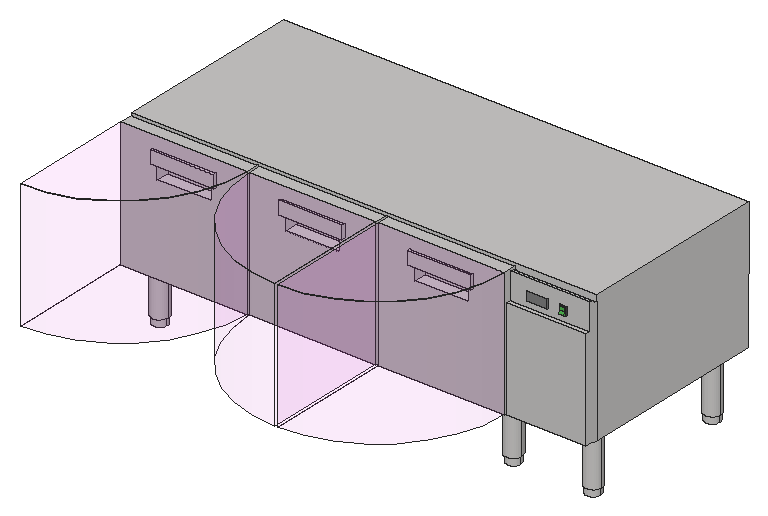
Revit family "QF_ELECTROLUXPROFESSIONAL_371293_E7TTCECOMKN", category Specialty Equipment, Revit 2018
Family settings
  Round Connector Dimension = Use Diameter
  Part Type = Normal
  Work Plane-Based = No
  Always vertical = Yes
  Cut with Voids When Loaded = No
  Shared = No
  Room Calculation Point = No
Parameters
  Weight = 110.00 kg
  Watts = 0 W
  Volts = 0 V
  URL Manufacturer = ""
  URL = ""
  Steam Supply Size = 0 mm
  Steam Supply Minimum Pressure = 0.0 Pa
  Steam Supply Maximum Pressure = 0.0 Pa
  Steam Pounds per Hour = 0
  Refrigeration Suction Line Size = 0 mm
  Refrigeration Liquid Line Size = 0 mm
  Refrigerant Compressor Remote = yes
  Manufacturer = ""
  Phase = 0
  Model = ""
  Length Actual = 1600 mm  # constant formula
  Item Number = ""
  Hot Water Size = 0 mm
  Height Actual = 600 mm  # constant formula
  HP = "0.5 HP"
  Gas Size = 0 mm
  Gas KW = 0
  Gas Input Pressure = 0 W
  Direct Waste Size = 12.7 mm
  Description = ""
  Depth Actual = 700 mm  # constant formula
  Cycle = 0 Hz
  Condensate Return Size = 0 mm
  Compressed Air Volume = 0.0 L/s
  Compressed Air Size = 0 mm
  Compressed Air Pressure = 0.0 Pa
  Cold Water Size = 0 mm
  Accessory = yes
Reference planes
  plane 1 "Center X": y = 0
  plane 2: z = 0
  plane 3 "Centro (Sinistra/Destra)": x = 0
  plane 4: z = 200
  plane 5 "TOP": z = 650
  plane 6 "BACK": y = 350
  plane 7 "FRONT": y = -350
  plane 8 "LEFT": x = -800
  plane 9 "RIGHT": x = 800
  plane 10: y = -303
  plane 11: y = -348
  plane 12: x = -745
  plane 13: x = 745
  plane 14: x = 471
  plane 15: y = 262
  plane 16: y = -249
  plane 17: x = 286
  plane 18: x = -799
  plane 19: x = 799
  plane 20: y = 190
  plane 21: x = 560
Forms (mm)
  Extrusion 1, solid, material "QF_Finishes_Stainless Steel"
    sketch origin (0, 0, 650) x (-1, 0, 0) y (0, -1, 0)
      loop
        line (799, -350) -> (799, 303) -> (-799, 303) -> (-799, -350) -> (799, -350)
    from -450 to 0
  Extrusion 2, solid, material "QF_Finishes_Stainless Steel"
    sketch origin (196, -342.999, 0) x (-1, 0, 0) y (0, 0, 1)
      loop
        line (995, 201.587) -> (995, 640.994) -> (560.999, 640.994) -> (560.999, 201.587) -> (995, 201.587)
      loop
        line (871.3, 506.706) -> (871.3, 585) -> (684.699, 585) -> (684.699, 506.706) -> (871.3, 506.706)
    from -5.001 to 39.999
  Extrusion 3, solid, material "QF_Finishes_Stainless Steel"
    sketch origin (196, -348, 0) x (1, 0, 0) y (0, 0, 1)
      loop
        line (-886.3, 598.969) -> (-886.3, 553.969) -> (-669.699, 553.969) -> (-669.699, 598.969) -> (-886.3, 598.969)
    from 0 to 10
  Extrusion 4, solid, material "QF_Finishes_Stainless Steel"
    sketch origin (200, 0, 0) x (1, 0, 0) y (0, 1, 0)
      loop
        circle (560, 190) r 6
    from 189.987 to 200
  Extrusion 5, solid, material "QF_Finishes_Stainless Steel"
    sketch origin (799, 66.551, 0) x (0, 1, 0) y (0, 0, 1)
      loop
        line (-369.551, 629.527) -> (-386.314, 640.994) -> (-397.65, 640.994) -> (-397.65, 549.796) -> (-414.551, 549.796) -> (-414.551, 204.796) -> (-384.714, 204.796) -> (-374.993, 200) -> (-369.551, 200) -> (-369.551, 629.527)
    from 0 to -271
  Extrusion 6, solid, material "QF_Finishes_Black"
    sketch origin (783, -331.099, 630.994) x (0, 0, -1) y (1, 0, 0)
      loop
        line (32.198, -86.899) -> (61.199, -86.899) -> (61.199, -64.9) -> (32.198, -64.9) -> (32.198, -86.899)
    from 0 to 1.6
  Extrusion 7, solid, material "QF_Finishes_Grey"
    sketch origin (789, -331.099, 630.994) x (0, 0, -1) y (1, 0, 0)
      loop
        line (32.198, -206.099) -> (61.199, -206.099) -> (61.199, -136.099) -> (32.198, -136.099) -> (32.198, -206.099)
    from 0 to 1.6
  Extrusion 8, solid, material "QF_Finishes_Green"
    sketch origin (718.1, -331.099, 598.796) x (0, 0, -1) y (0, 1, 0)
      loop
        line (2.279, -3.281) -> (14.5, -3.281) -> (25.308, -8.985)
        arc (25.308, -8.985) -> (26.537, -5.394) -> (26.605, -1.6) r 12.221
        line (26.605, -1.6) -> (2.395, -1.6)
        arc (2.395, -1.6) -> (2.308, -2.439) -> (2.279, -3.281) r 12.221
    from -20 to -2
  Extrusion 9, solid, material "QF_Finishes_Stainless Steel"
    sketch origin (640.331, -342.999, 0) x (-1, 0, 0) y (0, 0, 1)
      loop
        line (997, 201.587) -> (997, 640.994) -> (563, 640.994) -> (563, 201.587) -> (997, 201.587)
      loop
        line (873.3, 506.706) -> (873.3, 585) -> (686.699, 585) -> (686.699, 506.706) -> (873.3, 506.706)
    from -5.001 to 39.999
  Extrusion 10, solid, material "QF_Finishes_Stainless Steel"
    sketch origin (640.331, -348, 0) x (1, 0, 0) y (0, 0, 1)
      loop
        line (-888.3, 598.969) -> (-888.3, 553.969) -> (-671.699, 553.969) -> (-671.699, 598.969) -> (-888.3, 598.969)
    from 0 to 10
  Extrusion 11, solid, material "QF_Finishes_Stainless Steel"
    sketch origin (1073.161, -342.999, 0) x (-1, 0, 0) y (0, 0, 1)
      loop
        line (553.5, 201.587) -> (987.5, 201.587) -> (987.5, 640.994) -> (553.5, 640.994) -> (553.5, 201.587)
      loop
        line (863.8, 506.706) -> (863.8, 585) -> (677.199, 585) -> (677.199, 506.706) -> (863.8, 506.706)
    from -5.001 to 39.999
  Extrusion 12, solid, material "QF_Finishes_Stainless Steel"
    sketch origin (1073.161, -348, 0) x (1, 0, 0) y (0, 0, 1)
      loop
        line (-878.8, 598.969) -> (-878.8, 553.969) -> (-662.199, 553.969) -> (-662.199, 598.969) -> (-878.8, 598.969)
    from 0 to 10
  Extrusion 13, solid, material "QF_Door-Drawer Clearances"
    sketch origin (0, 0, 0) x (1, 0, 0) y (0, 1, 0)
      loop
        line (-799, -348) -> (-799, -782)
        arc (-799, -782) -> (-492.116, -654.884) -> (-365, -348) r 434
        line (-365, -348) -> (-799, -348)
    from 201.587 to 640.994
  Extrusion 14, solid, material "QF_Door-Drawer Clearances"
    sketch origin (-721.669, 0, 0) x (-1, 0, 0) y (0, -1, 0)
      loop
        line (-799, 348) -> (-365, 348)
        arc (-365, 348) -> (-492.116, 654.884) -> (-799, 782) r 434
        line (-799, 782) -> (-799, 348)
    from 201.587 to 640.994
  Extrusion 15, solid, material "QF_Door-Drawer Clearances"
    sketch origin (884.661, 0, 0) x (1, 0, 0) y (0, 1, 0)
      loop
        line (-799, -348) -> (-799, -782)
        arc (-799, -782) -> (-492.116, -654.884) -> (-365, -348) r 434
        line (-365, -348) -> (-799, -348)
    from 201.587 to 640.994
Lines and regions (mm)
  Split face 1
    outline origin (789, -332.699, 630.994) x (0, 0, -1) y (1, 0, 0)
      loop
        line (37.198, -196.099) -> (52.198, -196.099) -> (52.198, -146.099) -> (37.198, -146.099) -> (37.198, -196.099)
  Split face 2
    outline origin (789, -332.699, 630.994) x (0, 0, -1) y (1, 0, 0)
      loop
        circle (44.698, -143.099) r 1.2
  Split face 3
    outline origin (789, -332.699, 630.994) x (0, 0, -1) y (1, 0, 0)
      loop
        circle (39.698, -143.099) r 1.2
  Split face 4
    outline origin (789, -332.699, 630.994) x (0, 0, -1) y (1, 0, 0)
      loop
        circle (49.698, -143.099) r 1.2
  Split face 5
    outline origin (789, -332.699, 630.994) x (0, 0, -1) y (1, 0, 0)
      loop
        circle (39.698, -199.099) r 1.2
  Split face 6
    outline origin (789, -332.699, 630.994) x (0, 0, -1) y (1, 0, 0)
      loop
        circle (44.698, -199.099) r 1.2
  Split face 7
    outline origin (789, -332.699, 630.994) x (0, 0, -1) y (1, 0, 0)
      loop
        circle (49.698, -199.099) r 1.2
  Split face 8
    outline origin (789, -332.699, 630.994) x (0, 0, -1) y (1, 0, 0)
      loop
        line (59.151, -196.099) -> (59.151, -185.099) -> (54.151, -185.099) -> (54.151, -196.099) -> (59.151, -196.099)
  Split face 9
    outline origin (789, -332.699, 630.994) x (0, 0, -1) y (1, 0, 0)
      loop
        line (54.151, -183.099) -> (59.151, -183.099) -> (59.151, -172.099) -> (54.151, -172.099) -> (54.151, -183.099)
  Split face 10
    outline origin (802, -332.699, 630.994) x (0, 0, -1) y (1, 0, 0)
      loop
        line (54.151, -183.099) -> (59.151, -183.099) -> (59.151, -172.099) -> (54.151, -172.099) -> (54.151, -183.099)
  Split face 11
    outline origin (815, -332.699, 630.994) x (0, 0, -1) y (1, 0, 0)
      loop
        line (54.151, -183.099) -> (59.151, -183.099) -> (59.151, -172.099) -> (54.151, -172.099) -> (54.151, -183.099)
  Split face 12
    outline origin (799, -348, 412.291) x (0, 0, -1) y (1, 0, 0)
      loop
        arc (-85.025, -240.599) -> (-81.004, -236.61) -> (-85.004, -232.599) r 4
        line (-85.004, -232.599) -> (-117.004, -232.599)
        arc (-117.004, -232.599) -> (-121.004, -236.61) -> (-116.984, -240.599) r 4
        line (-116.984, -240.599) -> (-85.025, -240.599)
  Split face 13
    outline origin (811, -348, 412.291) x (0, 0, -1) y (1, 0, 0)
      loop
        arc (-85.025, -240.599) -> (-81.004, -236.61) -> (-85.004, -232.599) r 4
        line (-85.004, -232.599) -> (-117.004, -232.599)
        arc (-117.004, -232.599) -> (-121.004, -236.61) -> (-116.984, -240.599) r 4
        line (-116.984, -240.599) -> (-85.025, -240.599)
  Split face 14
    outline origin (823, -348, 412.291) x (0, 0, -1) y (1, 0, 0)
      loop
        arc (-85.025, -240.599) -> (-81.004, -236.61) -> (-85.004, -232.599) r 4
        line (-85.004, -232.599) -> (-117.004, -232.599)
        arc (-117.004, -232.599) -> (-121.004, -236.61) -> (-116.984, -240.599) r 4
        line (-116.984, -240.599) -> (-85.025, -240.599)
  Split face 15
    outline origin (834.897, -348, 412.291) x (0, 0, -1) y (1, 0, 0)
      loop
        arc (-85.025, -240.599) -> (-81.004, -236.61) -> (-85.004, -232.599) r 4
        line (-85.004, -232.599) -> (-117.004, -232.599)
        arc (-117.004, -232.599) -> (-121.004, -236.61) -> (-116.984, -240.599) r 4
        line (-116.984, -240.599) -> (-85.025, -240.599)
  Split face 16
    outline origin (846.896, -348, 412.291) x (0, 0, -1) y (1, 0, 0)
      loop
        arc (-85.025, -240.599) -> (-81.004, -236.61) -> (-85.004, -232.599) r 4
        line (-85.004, -232.599) -> (-117.004, -232.599)
        arc (-117.004, -232.599) -> (-121.004, -236.61) -> (-116.984, -240.599) r 4
        line (-116.984, -240.599) -> (-85.025, -240.599)
  Split face 17
    outline origin (858.896, -348, 412.291) x (0, 0, -1) y (1, 0, 0)
      loop
        arc (-85.025, -240.599) -> (-81.004, -236.61) -> (-85.004, -232.599) r 4
        line (-85.004, -232.599) -> (-117.004, -232.599)
        arc (-117.004, -232.599) -> (-121.004, -236.61) -> (-116.984, -240.599) r 4
        line (-116.984, -240.599) -> (-85.025, -240.599)
  Split face 18
    outline origin (870.896, -348, 412.291) x (0, 0, -1) y (1, 0, 0)
      loop
        arc (-85.025, -240.599) -> (-81.004, -236.61) -> (-85.004, -232.599) r 4
        line (-85.004, -232.599) -> (-117.004, -232.599)
        arc (-117.004, -232.599) -> (-121.004, -236.61) -> (-116.984, -240.599) r 4
        line (-116.984, -240.599) -> (-85.025, -240.599)
  Split face 19
    outline origin (882.897, -348, 412.291) x (0, 0, -1) y (1, 0, 0)
      loop
        arc (-85.025, -240.599) -> (-81.004, -236.61) -> (-85.004, -232.599) r 4
        line (-85.004, -232.599) -> (-117.004, -232.599)
        arc (-117.004, -232.599) -> (-121.004, -236.61) -> (-116.984, -240.599) r 4
        line (-116.984, -240.599) -> (-85.025, -240.599)
  Split face 20
    outline origin (894.896, -348, 412.291) x (0, 0, -1) y (1, 0, 0)
      loop
        arc (-85.025, -240.599) -> (-81.004, -236.61) -> (-85.004, -232.599) r 4
        line (-85.004, -232.599) -> (-117.004, -232.599)
        arc (-117.004, -232.599) -> (-121.004, -236.61) -> (-116.984, -240.599) r 4
        line (-116.984, -240.599) -> (-85.025, -240.599)
  Split face 21
    outline origin (906.896, -348, 412.291) x (0, 0, -1) y (1, 0, 0)
      loop
        arc (-85.025, -242.399) -> (-81.004, -238.41) -> (-85.004, -234.4) r 4
        line (-85.004, -234.4) -> (-117.004, -234.4)
        arc (-117.004, -234.4) -> (-121.004, -238.41) -> (-116.984, -242.399) r 4
        line (-116.984, -242.399) -> (-85.025, -242.399)
  Split face 22
    outline origin (918.896, -348, 412.291) x (0, 0, -1) y (1, 0, 0)
      loop
        arc (-85.025, -242.399) -> (-81.004, -238.41) -> (-85.004, -234.4) r 4
        line (-85.004, -234.4) -> (-117.004, -234.4)
        arc (-117.004, -234.4) -> (-121.004, -238.41) -> (-116.984, -242.399) r 4
        line (-116.984, -242.399) -> (-85.025, -242.399)
  Split face 23
    outline origin (930.896, -348, 412.291) x (0, 0, -1) y (1, 0, 0)
      loop
        arc (-85.025, -242.399) -> (-81.004, -238.41) -> (-85.004, -234.4) r 4
        line (-85.004, -234.4) -> (-117.004, -234.4)
        arc (-117.004, -234.4) -> (-121.004, -238.41) -> (-116.984, -242.399) r 4
        line (-116.984, -242.399) -> (-85.025, -242.399)
  Split face 24
    outline origin (942.896, -348, 412.291) x (0, 0, -1) y (1, 0, 0)
      loop
        arc (-85.025, -242.399) -> (-81.004, -238.41) -> (-85.004, -234.4) r 4
        line (-85.004, -234.4) -> (-117.004, -234.4)
        arc (-117.004, -234.4) -> (-121.004, -238.41) -> (-116.984, -242.399) r 4
        line (-116.984, -242.399) -> (-85.025, -242.399)
  Split face 25
    outline origin (954.896, -348, 412.291) x (0, 0, -1) y (1, 0, 0)
      loop
        arc (-85.025, -242.399) -> (-81.004, -238.41) -> (-85.004, -234.4) r 4
        line (-85.004, -234.4) -> (-117.004, -234.4)
        arc (-117.004, -234.4) -> (-121.004, -238.41) -> (-116.984, -242.399) r 4
        line (-116.984, -242.399) -> (-85.025, -242.399)
  Split face 26
    outline origin (966.896, -348, 412.291) x (0, 0, -1) y (1, 0, 0)
      loop
        arc (-85.025, -242.399) -> (-81.004, -238.41) -> (-85.004, -234.4) r 4
        line (-85.004, -234.4) -> (-117.004, -234.4)
        arc (-117.004, -234.4) -> (-121.004, -238.41) -> (-116.984, -242.399) r 4
        line (-116.984, -242.399) -> (-85.025, -242.399)
  Split face 27
    outline origin (978.896, -348, 412.291) x (0, 0, -1) y (1, 0, 0)
      loop
        arc (-85.025, -242.399) -> (-81.004, -238.41) -> (-85.004, -234.4) r 4
        line (-85.004, -234.4) -> (-117.004, -234.4)
        arc (-117.004, -234.4) -> (-121.004, -238.41) -> (-116.984, -242.399) r 4
        line (-116.984, -242.399) -> (-85.025, -242.399)
  Split face 28
    outline origin (990.896, -348, 412.291) x (0, 0, -1) y (1, 0, 0)
      loop
        arc (-85.025, -242.399) -> (-81.004, -238.41) -> (-85.004, -234.4) r 4
        line (-85.004, -234.4) -> (-117.004, -234.4)
        arc (-117.004, -234.4) -> (-121.004, -238.41) -> (-116.984, -242.399) r 4
        line (-116.984, -242.399) -> (-85.025, -242.399)
  Split face 29
    outline origin (1002.896, -348, 412.291) x (0, 0, -1) y (1, 0, 0)
      loop
        arc (-85.025, -242.399) -> (-81.004, -238.41) -> (-85.004, -234.4) r 4
        line (-85.004, -234.4) -> (-117.004, -234.4)
        arc (-117.004, -234.4) -> (-121.004, -238.41) -> (-116.984, -242.399) r 4
        line (-116.984, -242.399) -> (-85.025, -242.399)
  Split face 30
    outline origin (1014.896, -348, 412.291) x (0, 0, -1) y (1, 0, 0)
      loop
        arc (-85.025, -242.399) -> (-81.004, -238.41) -> (-85.004, -234.4) r 4
        line (-85.004, -234.4) -> (-117.004, -234.4)
        arc (-117.004, -234.4) -> (-121.004, -238.41) -> (-116.984, -242.399) r 4
        line (-116.984, -242.399) -> (-85.025, -242.399)
  Split face 31
    outline origin (787, -348, 412.291) x (0, 0, -1) y (1, 0, 0)
      loop
        arc (-85.025, -240.599) -> (-81.004, -236.61) -> (-85.004, -232.599) r 4
        line (-85.004, -232.599) -> (-117.004, -232.599)
        arc (-117.004, -232.599) -> (-121.004, -236.61) -> (-116.984, -240.599) r 4
        line (-116.984, -240.599) -> (-85.025, -240.599)
  Split face 32
    outline origin (799, -348, 367.29) x (0, 0, -1) y (1, 0, 0)
      loop
        arc (-85.025, -240.599) -> (-81.004, -236.61) -> (-85.004, -232.599) r 4
        line (-85.004, -232.599) -> (-117.004, -232.599)
        arc (-117.004, -232.599) -> (-121.004, -236.61) -> (-116.984, -240.599) r 4
        line (-116.984, -240.599) -> (-85.025, -240.599)
  Split face 33
    outline origin (811, -348, 367.29) x (0, 0, -1) y (1, 0, 0)
      loop
        arc (-85.025, -240.599) -> (-81.004, -236.61) -> (-85.004, -232.599) r 4
        line (-85.004, -232.599) -> (-117.004, -232.599)
        arc (-117.004, -232.599) -> (-121.004, -236.61) -> (-116.984, -240.599) r 4
        line (-116.984, -240.599) -> (-85.025, -240.599)
  Split face 34
    outline origin (823, -348, 367.29) x (0, 0, -1) y (1, 0, 0)
      loop
        arc (-85.025, -240.599) -> (-81.004, -236.61) -> (-85.004, -232.599) r 4
        line (-85.004, -232.599) -> (-117.004, -232.599)
        arc (-117.004, -232.599) -> (-121.004, -236.61) -> (-116.984, -240.599) r 4
        line (-116.984, -240.599) -> (-85.025, -240.599)
  Split face 35
    outline origin (834.897, -348, 367.29) x (0, 0, -1) y (1, 0, 0)
      loop
        arc (-85.025, -240.599) -> (-81.004, -236.61) -> (-85.004, -232.599) r 4
        line (-85.004, -232.599) -> (-117.004, -232.599)
        arc (-117.004, -232.599) -> (-121.004, -236.61) -> (-116.984, -240.599) r 4
        line (-116.984, -240.599) -> (-85.025, -240.599)
  Split face 36
    outline origin (846.896, -348, 367.29) x (0, 0, -1) y (1, 0, 0)
      loop
        arc (-85.025, -240.599) -> (-81.004, -236.61) -> (-85.004, -232.599) r 4
        line (-85.004, -232.599) -> (-117.004, -232.599)
        arc (-117.004, -232.599) -> (-121.004, -236.61) -> (-116.984, -240.599) r 4
        line (-116.984, -240.599) -> (-85.025, -240.599)
  Split face 37
    outline origin (858.896, -348, 367.29) x (0, 0, -1) y (1, 0, 0)
      loop
        arc (-85.025, -240.599) -> (-81.004, -236.61) -> (-85.004, -232.599) r 4
        line (-85.004, -232.599) -> (-117.004, -232.599)
        arc (-117.004, -232.599) -> (-121.004, -236.61) -> (-116.984, -240.599) r 4
        line (-116.984, -240.599) -> (-85.025, -240.599)
  Split face 38
    outline origin (870.896, -348, 367.29) x (0, 0, -1) y (1, 0, 0)
      loop
        arc (-85.025, -240.599) -> (-81.004, -236.61) -> (-85.004, -232.599) r 4
        line (-85.004, -232.599) -> (-117.004, -232.599)
        arc (-117.004, -232.599) -> (-121.004, -236.61) -> (-116.984, -240.599) r 4
        line (-116.984, -240.599) -> (-85.025, -240.599)
  Split face 39
    outline origin (882.897, -348, 367.29) x (0, 0, -1) y (1, 0, 0)
      loop
        arc (-85.025, -240.599) -> (-81.004, -236.61) -> (-85.004, -232.599) r 4
        line (-85.004, -232.599) -> (-117.004, -232.599)
        arc (-117.004, -232.599) -> (-121.004, -236.61) -> (-116.984, -240.599) r 4
        line (-116.984, -240.599) -> (-85.025, -240.599)
  Split face 40
    outline origin (894.896, -348, 367.29) x (0, 0, -1) y (1, 0, 0)
      loop
        arc (-85.025, -240.599) -> (-81.004, -236.61) -> (-85.004, -232.599) r 4
        line (-85.004, -232.599) -> (-117.004, -232.599)
        arc (-117.004, -232.599) -> (-121.004, -236.61) -> (-116.984, -240.599) r 4
        line (-116.984, -240.599) -> (-85.025, -240.599)
  Split face 41
    outline origin (906.896, -348, 367.29) x (0, 0, -1) y (1, 0, 0)
      loop
        arc (-85.025, -242.399) -> (-81.004, -238.41) -> (-85.004, -234.4) r 4
        line (-85.004, -234.4) -> (-117.004, -234.4)
        arc (-117.004, -234.4) -> (-121.004, -238.41) -> (-116.984, -242.399) r 4
        line (-116.984, -242.399) -> (-85.025, -242.399)
  Split face 42
    outline origin (918.896, -348, 367.29) x (0, 0, -1) y (1, 0, 0)
      loop
        arc (-85.025, -242.399) -> (-81.004, -238.41) -> (-85.004, -234.4) r 4
        line (-85.004, -234.4) -> (-117.004, -234.4)
        arc (-117.004, -234.4) -> (-121.004, -238.41) -> (-116.984, -242.399) r 4
        line (-116.984, -242.399) -> (-85.025, -242.399)
  Split face 43
    outline origin (930.896, -348, 367.29) x (0, 0, -1) y (1, 0, 0)
      loop
        arc (-85.025, -242.399) -> (-81.004, -238.41) -> (-85.004, -234.4) r 4
        line (-85.004, -234.4) -> (-117.004, -234.4)
        arc (-117.004, -234.4) -> (-121.004, -238.41) -> (-116.984, -242.399) r 4
        line (-116.984, -242.399) -> (-85.025, -242.399)
  Split face 44
    outline origin (942.896, -348, 367.29) x (0, 0, -1) y (1, 0, 0)
      loop
        arc (-85.025, -242.399) -> (-81.004, -238.41) -> (-85.004, -234.4) r 4
        line (-85.004, -234.4) -> (-117.004, -234.4)
        arc (-117.004, -234.4) -> (-121.004, -238.41) -> (-116.984, -242.399) r 4
        line (-116.984, -242.399) -> (-85.025, -242.399)
  Split face 45
    outline origin (954.896, -348, 367.29) x (0, 0, -1) y (1, 0, 0)
      loop
        arc (-85.025, -242.399) -> (-81.004, -238.41) -> (-85.004, -234.4) r 4
        line (-85.004, -234.4) -> (-117.004, -234.4)
        arc (-117.004, -234.4) -> (-121.004, -238.41) -> (-116.984, -242.399) r 4
        line (-116.984, -242.399) -> (-85.025, -242.399)
  Split face 46
    outline origin (966.896, -348, 367.29) x (0, 0, -1) y (1, 0, 0)
      loop
        arc (-85.025, -242.399) -> (-81.004, -238.41) -> (-85.004, -234.4) r 4
        line (-85.004, -234.4) -> (-117.004, -234.4)
        arc (-117.004, -234.4) -> (-121.004, -238.41) -> (-116.984, -242.399) r 4
        line (-116.984, -242.399) -> (-85.025, -242.399)
  Split face 47
    outline origin (978.896, -348, 367.29) x (0, 0, -1) y (1, 0, 0)
      loop
        arc (-85.025, -242.399) -> (-81.004, -238.41) -> (-85.004, -234.4) r 4
        line (-85.004, -234.4) -> (-117.004, -234.4)
        arc (-117.004, -234.4) -> (-121.004, -238.41) -> (-116.984, -242.399) r 4
        line (-116.984, -242.399) -> (-85.025, -242.399)
  Split face 48
    outline origin (990.896, -348, 367.29) x (0, 0, -1) y (1, 0, 0)
      loop
        arc (-85.025, -242.399) -> (-81.004, -238.41) -> (-85.004, -234.4) r 4
        line (-85.004, -234.4) -> (-117.004, -234.4)
        arc (-117.004, -234.4) -> (-121.004, -238.41) -> (-116.984, -242.399) r 4
        line (-116.984, -242.399) -> (-85.025, -242.399)
  Split face 49
    outline origin (1002.896, -348, 367.29) x (0, 0, -1) y (1, 0, 0)
      loop
        arc (-85.025, -242.399) -> (-81.004, -238.41) -> (-85.004, -234.4) r 4
        line (-85.004, -234.4) -> (-117.004, -234.4)
        arc (-117.004, -234.4) -> (-121.004, -238.41) -> (-116.984, -242.399) r 4
        line (-116.984, -242.399) -> (-85.025, -242.399)
  Split face 50
    outline origin (1014.896, -348, 367.29) x (0, 0, -1) y (1, 0, 0)
      loop
        arc (-85.025, -242.399) -> (-81.004, -238.41) -> (-85.004, -234.4) r 4
        line (-85.004, -234.4) -> (-117.004, -234.4)
        arc (-117.004, -234.4) -> (-121.004, -238.41) -> (-116.984, -242.399) r 4
        line (-116.984, -242.399) -> (-85.025, -242.399)
  Split face 51
    outline origin (787, -348, 367.29) x (0, 0, -1) y (1, 0, 0)
      loop
        arc (-85.025, -240.599) -> (-81.004, -236.61) -> (-85.004, -232.599) r 4
        line (-85.004, -232.599) -> (-117.004, -232.599)
        arc (-117.004, -232.599) -> (-121.004, -236.61) -> (-116.984, -240.599) r 4
        line (-116.984, -240.599) -> (-85.025, -240.599)
  Split face 52
    outline origin (799, -348, 322.29) x (0, 0, -1) y (1, 0, 0)
      loop
        arc (-85.025, -240.599) -> (-81.004, -236.61) -> (-85.004, -232.599) r 4
        line (-85.004, -232.599) -> (-117.004, -232.599)
        arc (-117.004, -232.599) -> (-121.004, -236.61) -> (-116.984, -240.599) r 4
        line (-116.984, -240.599) -> (-85.025, -240.599)
  Split face 53
    outline origin (811, -348, 322.29) x (0, 0, -1) y (1, 0, 0)
      loop
        arc (-85.025, -240.599) -> (-81.004, -236.61) -> (-85.004, -232.599) r 4
        line (-85.004, -232.599) -> (-117.004, -232.599)
        arc (-117.004, -232.599) -> (-121.004, -236.61) -> (-116.984, -240.599) r 4
        line (-116.984, -240.599) -> (-85.025, -240.599)
  Split face 54
    outline origin (823, -348, 322.29) x (0, 0, -1) y (1, 0, 0)
      loop
        arc (-85.025, -240.599) -> (-81.004, -236.61) -> (-85.004, -232.599) r 4
        line (-85.004, -232.599) -> (-117.004, -232.599)
        arc (-117.004, -232.599) -> (-121.004, -236.61) -> (-116.984, -240.599) r 4
        line (-116.984, -240.599) -> (-85.025, -240.599)
  Split face 55
    outline origin (834.897, -348, 322.29) x (0, 0, -1) y (1, 0, 0)
      loop
        arc (-85.025, -240.599) -> (-81.004, -236.61) -> (-85.004, -232.599) r 4
        line (-85.004, -232.599) -> (-117.004, -232.599)
        arc (-117.004, -232.599) -> (-121.004, -236.61) -> (-116.984, -240.599) r 4
        line (-116.984, -240.599) -> (-85.025, -240.599)
  Split face 56
    outline origin (846.896, -348, 322.29) x (0, 0, -1) y (1, 0, 0)
      loop
        arc (-85.025, -240.599) -> (-81.004, -236.61) -> (-85.004, -232.599) r 4
        line (-85.004, -232.599) -> (-117.004, -232.599)
        arc (-117.004, -232.599) -> (-121.004, -236.61) -> (-116.984, -240.599) r 4
        line (-116.984, -240.599) -> (-85.025, -240.599)
  Split face 57
    outline origin (858.896, -348, 322.29) x (0, 0, -1) y (1, 0, 0)
      loop
        arc (-85.025, -240.599) -> (-81.004, -236.61) -> (-85.004, -232.599) r 4
        line (-85.004, -232.599) -> (-117.004, -232.599)
        arc (-117.004, -232.599) -> (-121.004, -236.61) -> (-116.984, -240.599) r 4
        line (-116.984, -240.599) -> (-85.025, -240.599)
  Split face 58
    outline origin (870.896, -348, 322.29) x (0, 0, -1) y (1, 0, 0)
      loop
        arc (-85.025, -240.599) -> (-81.004, -236.61) -> (-85.004, -232.599) r 4
        line (-85.004, -232.599) -> (-117.004, -232.599)
        arc (-117.004, -232.599) -> (-121.004, -236.61) -> (-116.984, -240.599) r 4
        line (-116.984, -240.599) -> (-85.025, -240.599)
  Split face 59
    outline origin (882.897, -348, 322.29) x (0, 0, -1) y (1, 0, 0)
      loop
        arc (-85.025, -240.599) -> (-81.004, -236.61) -> (-85.004, -232.599) r 4
        line (-85.004, -232.599) -> (-117.004, -232.599)
        arc (-117.004, -232.599) -> (-121.004, -236.61) -> (-116.984, -240.599) r 4
        line (-116.984, -240.599) -> (-85.025, -240.599)
  Split face 60
    outline origin (894.896, -348, 322.29) x (0, 0, -1) y (1, 0, 0)
      loop
        arc (-85.025, -240.599) -> (-81.004, -236.61) -> (-85.004, -232.599) r 4
        line (-85.004, -232.599) -> (-117.004, -232.599)
        arc (-117.004, -232.599) -> (-121.004, -236.61) -> (-116.984, -240.599) r 4
        line (-116.984, -240.599) -> (-85.025, -240.599)
  Split face 61
    outline origin (906.896, -348, 322.29) x (0, 0, -1) y (1, 0, 0)
      loop
        arc (-85.025, -242.399) -> (-81.004, -238.41) -> (-85.004, -234.4) r 4
        line (-85.004, -234.4) -> (-117.004, -234.4)
        arc (-117.004, -234.4) -> (-121.004, -238.41) -> (-116.984, -242.399) r 4
        line (-116.984, -242.399) -> (-85.025, -242.399)
  Split face 62
    outline origin (918.896, -348, 322.29) x (0, 0, -1) y (1, 0, 0)
      loop
        arc (-85.025, -242.399) -> (-81.004, -238.41) -> (-85.004, -234.4) r 4
        line (-85.004, -234.4) -> (-117.004, -234.4)
        arc (-117.004, -234.4) -> (-121.004, -238.41) -> (-116.984, -242.399) r 4
        line (-116.984, -242.399) -> (-85.025, -242.399)
  Split face 63
    outline origin (930.896, -348, 322.29) x (0, 0, -1) y (1, 0, 0)
      loop
        arc (-85.025, -242.399) -> (-81.004, -238.41) -> (-85.004, -234.4) r 4
        line (-85.004, -234.4) -> (-117.004, -234.4)
        arc (-117.004, -234.4) -> (-121.004, -238.41) -> (-116.984, -242.399) r 4
        line (-116.984, -242.399) -> (-85.025, -242.399)
  Split face 64
    outline origin (942.896, -348, 322.29) x (0, 0, -1) y (1, 0, 0)
      loop
        arc (-85.025, -242.399) -> (-81.004, -238.41) -> (-85.004, -234.4) r 4
        line (-85.004, -234.4) -> (-117.004, -234.4)
        arc (-117.004, -234.4) -> (-121.004, -238.41) -> (-116.984, -242.399) r 4
        line (-116.984, -242.399) -> (-85.025, -242.399)
  Split face 65
    outline origin (954.896, -348, 322.29) x (0, 0, -1) y (1, 0, 0)
      loop
        arc (-85.025, -242.399) -> (-81.004, -238.41) -> (-85.004, -234.4) r 4
        line (-85.004, -234.4) -> (-117.004, -234.4)
        arc (-117.004, -234.4) -> (-121.004, -238.41) -> (-116.984, -242.399) r 4
        line (-116.984, -242.399) -> (-85.025, -242.399)
  Split face 66
    outline origin (966.896, -348, 322.29) x (0, 0, -1) y (1, 0, 0)
      loop
        arc (-85.025, -242.399) -> (-81.004, -238.41) -> (-85.004, -234.4) r 4
        line (-85.004, -234.4) -> (-117.004, -234.4)
        arc (-117.004, -234.4) -> (-121.004, -238.41) -> (-116.984, -242.399) r 4
        line (-116.984, -242.399) -> (-85.025, -242.399)
  Split face 67
    outline origin (978.896, -348, 322.29) x (0, 0, -1) y (1, 0, 0)
      loop
        arc (-85.025, -242.399) -> (-81.004, -238.41) -> (-85.004, -234.4) r 4
        line (-85.004, -234.4) -> (-117.004, -234.4)
        arc (-117.004, -234.4) -> (-121.004, -238.41) -> (-116.984, -242.399) r 4
        line (-116.984, -242.399) -> (-85.025, -242.399)
  Split face 68
    outline origin (990.896, -348, 322.29) x (0, 0, -1) y (1, 0, 0)
      loop
        arc (-85.025, -242.399) -> (-81.004, -238.41) -> (-85.004, -234.4) r 4
        line (-85.004, -234.4) -> (-117.004, -234.4)
        arc (-117.004, -234.4) -> (-121.004, -238.41) -> (-116.984, -242.399) r 4
        line (-116.984, -242.399) -> (-85.025, -242.399)
  Split face 69
    outline origin (1002.896, -348, 322.29) x (0, 0, -1) y (1, 0, 0)
      loop
        arc (-85.025, -242.399) -> (-81.004, -238.41) -> (-85.004, -234.4) r 4
        line (-85.004, -234.4) -> (-117.004, -234.4)
        arc (-117.004, -234.4) -> (-121.004, -238.41) -> (-116.984, -242.399) r 4
        line (-116.984, -242.399) -> (-85.025, -242.399)
  Split face 70
    outline origin (1014.896, -348, 322.29) x (0, 0, -1) y (1, 0, 0)
      loop
        arc (-85.025, -242.399) -> (-81.004, -238.41) -> (-85.004, -234.4) r 4
        line (-85.004, -234.4) -> (-117.004, -234.4)
        arc (-117.004, -234.4) -> (-121.004, -238.41) -> (-116.984, -242.399) r 4
        line (-116.984, -242.399) -> (-85.025, -242.399)
  Split face 71
    outline origin (787, -348, 322.29) x (0, 0, -1) y (1, 0, 0)
      loop
        arc (-85.025, -240.599) -> (-81.004, -236.61) -> (-85.004, -232.599) r 4
        line (-85.004, -232.599) -> (-117.004, -232.599)
        arc (-117.004, -232.599) -> (-121.004, -236.61) -> (-116.984, -240.599) r 4
        line (-116.984, -240.599) -> (-85.025, -240.599)
  Split face 72
    outline origin (799, -348, 277.29) x (0, 0, -1) y (1, 0, 0)
      loop
        arc (-85.025, -240.599) -> (-81.004, -236.61) -> (-85.004, -232.599) r 4
        line (-85.004, -232.599) -> (-117.004, -232.599)
        arc (-117.004, -232.599) -> (-121.004, -236.61) -> (-116.984, -240.599) r 4
        line (-116.984, -240.599) -> (-85.025, -240.599)
  Split face 73
    outline origin (811, -348, 277.29) x (0, 0, -1) y (1, 0, 0)
      loop
        arc (-85.025, -240.599) -> (-81.004, -236.61) -> (-85.004, -232.599) r 4
        line (-85.004, -232.599) -> (-117.004, -232.599)
        arc (-117.004, -232.599) -> (-121.004, -236.61) -> (-116.984, -240.599) r 4
        line (-116.984, -240.599) -> (-85.025, -240.599)
  Split face 74
    outline origin (823, -348, 277.29) x (0, 0, -1) y (1, 0, 0)
      loop
        arc (-85.025, -240.599) -> (-81.004, -236.61) -> (-85.004, -232.599) r 4
        line (-85.004, -232.599) -> (-117.004, -232.599)
        arc (-117.004, -232.599) -> (-121.004, -236.61) -> (-116.984, -240.599) r 4
        line (-116.984, -240.599) -> (-85.025, -240.599)
  Split face 75
    outline origin (834.897, -348, 277.29) x (0, 0, -1) y (1, 0, 0)
      loop
        arc (-85.025, -240.599) -> (-81.004, -236.61) -> (-85.004, -232.599) r 4
        line (-85.004, -232.599) -> (-117.004, -232.599)
        arc (-117.004, -232.599) -> (-121.004, -236.61) -> (-116.984, -240.599) r 4
        line (-116.984, -240.599) -> (-85.025, -240.599)
  Split face 76
    outline origin (846.896, -348, 277.29) x (0, 0, -1) y (1, 0, 0)
      loop
        arc (-85.025, -240.599) -> (-81.004, -236.61) -> (-85.004, -232.599) r 4
        line (-85.004, -232.599) -> (-117.004, -232.599)
        arc (-117.004, -232.599) -> (-121.004, -236.61) -> (-116.984, -240.599) r 4
        line (-116.984, -240.599) -> (-85.025, -240.599)
  Split face 77
    outline origin (858.896, -348, 277.29) x (0, 0, -1) y (1, 0, 0)
      loop
        arc (-85.025, -240.599) -> (-81.004, -236.61) -> (-85.004, -232.599) r 4
        line (-85.004, -232.599) -> (-117.004, -232.599)
        arc (-117.004, -232.599) -> (-121.004, -236.61) -> (-116.984, -240.599) r 4
        line (-116.984, -240.599) -> (-85.025, -240.599)
  Split face 78
    outline origin (870.896, -348, 277.29) x (0, 0, -1) y (1, 0, 0)
      loop
        arc (-85.025, -240.599) -> (-81.004, -236.61) -> (-85.004, -232.599) r 4
        line (-85.004, -232.599) -> (-117.004, -232.599)
        arc (-117.004, -232.599) -> (-121.004, -236.61) -> (-116.984, -240.599) r 4
        line (-116.984, -240.599) -> (-85.025, -240.599)
  Split face 79
    outline origin (882.897, -348, 277.29) x (0, 0, -1) y (1, 0, 0)
      loop
        arc (-85.025, -240.599) -> (-81.004, -236.61) -> (-85.004, -232.599) r 4
        line (-85.004, -232.599) -> (-117.004, -232.599)
        arc (-117.004, -232.599) -> (-121.004, -236.61) -> (-116.984, -240.599) r 4
        line (-116.984, -240.599) -> (-85.025, -240.599)
  Split face 80
    outline origin (894.896, -348, 277.29) x (0, 0, -1) y (1, 0, 0)
      loop
        arc (-85.025, -240.599) -> (-81.004, -236.61) -> (-85.004, -232.599) r 4
        line (-85.004, -232.599) -> (-117.004, -232.599)
        arc (-117.004, -232.599) -> (-121.004, -236.61) -> (-116.984, -240.599) r 4
        line (-116.984, -240.599) -> (-85.025, -240.599)
  Split face 81
    outline origin (906.896, -348, 277.29) x (0, 0, -1) y (1, 0, 0)
      loop
        arc (-85.025, -242.399) -> (-81.004, -238.41) -> (-85.004, -234.4) r 4
        line (-85.004, -234.4) -> (-117.004, -234.4)
        arc (-117.004, -234.4) -> (-121.004, -238.41) -> (-116.984, -242.399) r 4
        line (-116.984, -242.399) -> (-85.025, -242.399)
  Split face 82
    outline origin (918.896, -348, 277.29) x (0, 0, -1) y (1, 0, 0)
      loop
        arc (-85.025, -242.399) -> (-81.004, -238.41) -> (-85.004, -234.4) r 4
        line (-85.004, -234.4) -> (-117.004, -234.4)
        arc (-117.004, -234.4) -> (-121.004, -238.41) -> (-116.984, -242.399) r 4
        line (-116.984, -242.399) -> (-85.025, -242.399)
  Split face 83
    outline origin (930.896, -348, 277.29) x (0, 0, -1) y (1, 0, 0)
      loop
        arc (-85.025, -242.399) -> (-81.004, -238.41) -> (-85.004, -234.4) r 4
        line (-85.004, -234.4) -> (-117.004, -234.4)
        arc (-117.004, -234.4) -> (-121.004, -238.41) -> (-116.984, -242.399) r 4
        line (-116.984, -242.399) -> (-85.025, -242.399)
  Split face 84
    outline origin (942.896, -348, 277.29) x (0, 0, -1) y (1, 0, 0)
      loop
        arc (-85.025, -242.399) -> (-81.004, -238.41) -> (-85.004, -234.4) r 4
        line (-85.004, -234.4) -> (-117.004, -234.4)
        arc (-117.004, -234.4) -> (-121.004, -238.41) -> (-116.984, -242.399) r 4
        line (-116.984, -242.399) -> (-85.025, -242.399)
  Split face 85
    outline origin (954.896, -348, 277.29) x (0, 0, -1) y (1, 0, 0)
      loop
        arc (-85.025, -242.399) -> (-81.004, -238.41) -> (-85.004, -234.4) r 4
        line (-85.004, -234.4) -> (-117.004, -234.4)
        arc (-117.004, -234.4) -> (-121.004, -238.41) -> (-116.984, -242.399) r 4
        line (-116.984, -242.399) -> (-85.025, -242.399)
  Split face 86
    outline origin (966.896, -348, 277.29) x (0, 0, -1) y (1, 0, 0)
      loop
        arc (-85.025, -242.399) -> (-81.004, -238.41) -> (-85.004, -234.4) r 4
        line (-85.004, -234.4) -> (-117.004, -234.4)
        arc (-117.004, -234.4) -> (-121.004, -238.41) -> (-116.984, -242.399) r 4
        line (-116.984, -242.399) -> (-85.025, -242.399)
  Split face 87
    outline origin (978.896, -348, 277.29) x (0, 0, -1) y (1, 0, 0)
      loop
        arc (-85.025, -242.399) -> (-81.004, -238.41) -> (-85.004, -234.4) r 4
        line (-85.004, -234.4) -> (-117.004, -234.4)
        arc (-117.004, -234.4) -> (-121.004, -238.41) -> (-116.984, -242.399) r 4
        line (-116.984, -242.399) -> (-85.025, -242.399)
  Split face 88
    outline origin (990.896, -348, 277.29) x (0, 0, -1) y (1, 0, 0)
      loop
        arc (-85.025, -242.399) -> (-81.004, -238.41) -> (-85.004, -234.4) r 4
        line (-85.004, -234.4) -> (-117.004, -234.4)
        arc (-117.004, -234.4) -> (-121.004, -238.41) -> (-116.984, -242.399) r 4
        line (-116.984, -242.399) -> (-85.025, -242.399)
  Split face 89
    outline origin (1002.896, -348, 277.29) x (0, 0, -1) y (1, 0, 0)
      loop
        arc (-85.025, -242.399) -> (-81.004, -238.41) -> (-85.004, -234.4) r 4
        line (-85.004, -234.4) -> (-117.004, -234.4)
        arc (-117.004, -234.4) -> (-121.004, -238.41) -> (-116.984, -242.399) r 4
        line (-116.984, -242.399) -> (-85.025, -242.399)
  Split face 90
    outline origin (1014.896, -348, 277.29) x (0, 0, -1) y (1, 0, 0)
      loop
        arc (-85.025, -242.399) -> (-81.004, -238.41) -> (-85.004, -234.4) r 4
        line (-85.004, -234.4) -> (-117.004, -234.4)
        arc (-117.004, -234.4) -> (-121.004, -238.41) -> (-116.984, -242.399) r 4
        line (-116.984, -242.399) -> (-85.025, -242.399)
  Split face 91
    outline origin (787, -348, 277.29) x (0, 0, -1) y (1, 0, 0)
      loop
        arc (-85.025, -240.599) -> (-81.004, -236.61) -> (-85.004, -232.599) r 4
        line (-85.004, -232.599) -> (-117.004, -232.599)
        arc (-117.004, -232.599) -> (-121.004, -236.61) -> (-116.984, -240.599) r 4
        line (-116.984, -240.599) -> (-85.025, -240.599)
  Split face 92
    outline origin (799, -348, 232.29) x (0, 0, -1) y (1, 0, 0)
      loop
        arc (-85.025, -240.599) -> (-81.004, -236.61) -> (-85.004, -232.599) r 4
        line (-85.004, -232.599) -> (-117.004, -232.599)
        arc (-117.004, -232.599) -> (-121.004, -236.61) -> (-116.984, -240.599) r 4
        line (-116.984, -240.599) -> (-85.025, -240.599)
  Split face 93
    outline origin (811, -348, 232.29) x (0, 0, -1) y (1, 0, 0)
      loop
        arc (-85.025, -240.599) -> (-81.004, -236.61) -> (-85.004, -232.599) r 4
        line (-85.004, -232.599) -> (-117.004, -232.599)
        arc (-117.004, -232.599) -> (-121.004, -236.61) -> (-116.984, -240.599) r 4
        line (-116.984, -240.599) -> (-85.025, -240.599)
  Split face 94
    outline origin (823, -348, 232.29) x (0, 0, -1) y (1, 0, 0)
      loop
        arc (-85.025, -240.599) -> (-81.004, -236.61) -> (-85.004, -232.599) r 4
        line (-85.004, -232.599) -> (-117.004, -232.599)
        arc (-117.004, -232.599) -> (-121.004, -236.61) -> (-116.984, -240.599) r 4
        line (-116.984, -240.599) -> (-85.025, -240.599)
  Split face 95
    outline origin (834.897, -348, 232.29) x (0, 0, -1) y (1, 0, 0)
      loop
        arc (-85.025, -240.599) -> (-81.004, -236.61) -> (-85.004, -232.599) r 4
        line (-85.004, -232.599) -> (-117.004, -232.599)
        arc (-117.004, -232.599) -> (-121.004, -236.61) -> (-116.984, -240.599) r 4
        line (-116.984, -240.599) -> (-85.025, -240.599)
  Split face 96
    outline origin (846.896, -348, 232.29) x (0, 0, -1) y (1, 0, 0)
      loop
        arc (-85.025, -240.599) -> (-81.004, -236.61) -> (-85.004, -232.599) r 4
        line (-85.004, -232.599) -> (-117.004, -232.599)
        arc (-117.004, -232.599) -> (-121.004, -236.61) -> (-116.984, -240.599) r 4
        line (-116.984, -240.599) -> (-85.025, -240.599)
  Split face 97
    outline origin (858.896, -348, 232.29) x (0, 0, -1) y (1, 0, 0)
      loop
        arc (-85.025, -240.599) -> (-81.004, -236.61) -> (-85.004, -232.599) r 4
        line (-85.004, -232.599) -> (-117.004, -232.599)
        arc (-117.004, -232.599) -> (-121.004, -236.61) -> (-116.984, -240.599) r 4
        line (-116.984, -240.599) -> (-85.025, -240.599)
  Split face 98
    outline origin (870.896, -348, 232.29) x (0, 0, -1) y (1, 0, 0)
      loop
        arc (-85.025, -240.599) -> (-81.004, -236.61) -> (-85.004, -232.599) r 4
        line (-85.004, -232.599) -> (-117.004, -232.599)
        arc (-117.004, -232.599) -> (-121.004, -236.61) -> (-116.984, -240.599) r 4
        line (-116.984, -240.599) -> (-85.025, -240.599)
  Split face 99
    outline origin (882.897, -348, 232.29) x (0, 0, -1) y (1, 0, 0)
      loop
        arc (-85.025, -240.599) -> (-81.004, -236.61) -> (-85.004, -232.599) r 4
        line (-85.004, -232.599) -> (-117.004, -232.599)
        arc (-117.004, -232.599) -> (-121.004, -236.61) -> (-116.984, -240.599) r 4
        line (-116.984, -240.599) -> (-85.025, -240.599)
  Split face 100
    outline origin (894.896, -348, 232.29) x (0, 0, -1) y (1, 0, 0)
      loop
        arc (-85.025, -240.599) -> (-81.004, -236.61) -> (-85.004, -232.599) r 4
        line (-85.004, -232.599) -> (-117.004, -232.599)
        arc (-117.004, -232.599) -> (-121.004, -236.61) -> (-116.984, -240.599) r 4
        line (-116.984, -240.599) -> (-85.025, -240.599)
  Split face 101
    outline origin (906.896, -348, 232.29) x (0, 0, -1) y (1, 0, 0)
      loop
        arc (-85.025, -242.399) -> (-81.004, -238.41) -> (-85.004, -234.4) r 4
        line (-85.004, -234.4) -> (-117.004, -234.4)
        arc (-117.004, -234.4) -> (-121.004, -238.41) -> (-116.984, -242.399) r 4
        line (-116.984, -242.399) -> (-85.025, -242.399)
  Split face 102
    outline origin (918.896, -348, 232.29) x (0, 0, -1) y (1, 0, 0)
      loop
        arc (-85.025, -242.399) -> (-81.004, -238.41) -> (-85.004, -234.4) r 4
        line (-85.004, -234.4) -> (-117.004, -234.4)
        arc (-117.004, -234.4) -> (-121.004, -238.41) -> (-116.984, -242.399) r 4
        line (-116.984, -242.399) -> (-85.025, -242.399)
  Split face 103
    outline origin (930.896, -348, 232.29) x (0, 0, -1) y (1, 0, 0)
      loop
        arc (-85.025, -242.399) -> (-81.004, -238.41) -> (-85.004, -234.4) r 4
        line (-85.004, -234.4) -> (-117.004, -234.4)
        arc (-117.004, -234.4) -> (-121.004, -238.41) -> (-116.984, -242.399) r 4
        line (-116.984, -242.399) -> (-85.025, -242.399)
  Split face 104
    outline origin (942.896, -348, 232.29) x (0, 0, -1) y (1, 0, 0)
      loop
        arc (-85.025, -242.399) -> (-81.004, -238.41) -> (-85.004, -234.4) r 4
        line (-85.004, -234.4) -> (-117.004, -234.4)
        arc (-117.004, -234.4) -> (-121.004, -238.41) -> (-116.984, -242.399) r 4
        line (-116.984, -242.399) -> (-85.025, -242.399)
  Split face 105
    outline origin (954.896, -348, 232.29) x (0, 0, -1) y (1, 0, 0)
      loop
        arc (-85.025, -242.399) -> (-81.004, -238.41) -> (-85.004, -234.4) r 4
        line (-85.004, -234.4) -> (-117.004, -234.4)
        arc (-117.004, -234.4) -> (-121.004, -238.41) -> (-116.984, -242.399) r 4
        line (-116.984, -242.399) -> (-85.025, -242.399)
  Split face 106
    outline origin (966.896, -348, 232.29) x (0, 0, -1) y (1, 0, 0)
      loop
        arc (-85.025, -242.399) -> (-81.004, -238.41) -> (-85.004, -234.4) r 4
        line (-85.004, -234.4) -> (-117.004, -234.4)
        arc (-117.004, -234.4) -> (-121.004, -238.41) -> (-116.984, -242.399) r 4
        line (-116.984, -242.399) -> (-85.025, -242.399)
  Split face 107
    outline origin (978.896, -348, 232.29) x (0, 0, -1) y (1, 0, 0)
      loop
        arc (-85.025, -242.399) -> (-81.004, -238.41) -> (-85.004, -234.4) r 4
        line (-85.004, -234.4) -> (-117.004, -234.4)
        arc (-117.004, -234.4) -> (-121.004, -238.41) -> (-116.984, -242.399) r 4
        line (-116.984, -242.399) -> (-85.025, -242.399)
  Split face 108
    outline origin (990.896, -348, 232.29) x (0, 0, -1) y (1, 0, 0)
      loop
        arc (-85.025, -242.399) -> (-81.004, -238.41) -> (-85.004, -234.4) r 4
        line (-85.004, -234.4) -> (-117.004, -234.4)
        arc (-117.004, -234.4) -> (-121.004, -238.41) -> (-116.984, -242.399) r 4
        line (-116.984, -242.399) -> (-85.025, -242.399)
  Split face 109
    outline origin (1002.896, -348, 232.29) x (0, 0, -1) y (1, 0, 0)
      loop
        arc (-85.025, -242.399) -> (-81.004, -238.41) -> (-85.004, -234.4) r 4
        line (-85.004, -234.4) -> (-117.004, -234.4)
        arc (-117.004, -234.4) -> (-121.004, -238.41) -> (-116.984, -242.399) r 4
        line (-116.984, -242.399) -> (-85.025, -242.399)
  Split face 110
    outline origin (1014.896, -348, 232.29) x (0, 0, -1) y (1, 0, 0)
      loop
        arc (-85.025, -242.399) -> (-81.004, -238.41) -> (-85.004, -234.4) r 4
        line (-85.004, -234.4) -> (-117.004, -234.4)
        arc (-117.004, -234.4) -> (-121.004, -238.41) -> (-116.984, -242.399) r 4
        line (-116.984, -242.399) -> (-85.025, -242.399)
  Split face 111
    outline origin (787, -348, 232.29) x (0, 0, -1) y (1, 0, 0)
      loop
        arc (-85.025, -240.599) -> (-81.004, -236.61) -> (-85.004, -232.599) r 4
        line (-85.004, -232.599) -> (-117.004, -232.599)
        arc (-117.004, -232.599) -> (-121.004, -236.61) -> (-116.984, -240.599) r 4
        line (-116.984, -240.599) -> (-85.025, -240.599)
  Split face 112
    outline origin (799, -348, 187.29) x (0, 0, -1) y (1, 0, 0)
      loop
        arc (-85.025, -240.599) -> (-81.004, -236.61) -> (-85.004, -232.599) r 4
        line (-85.004, -232.599) -> (-117.004, -232.599)
        arc (-117.004, -232.599) -> (-121.004, -236.61) -> (-116.984, -240.599) r 4
        line (-116.984, -240.599) -> (-85.025, -240.599)
  Split face 113
    outline origin (811, -348, 187.29) x (0, 0, -1) y (1, 0, 0)
      loop
        arc (-85.025, -240.599) -> (-81.004, -236.61) -> (-85.004, -232.599) r 4
        line (-85.004, -232.599) -> (-117.004, -232.599)
        arc (-117.004, -232.599) -> (-121.004, -236.61) -> (-116.984, -240.599) r 4
        line (-116.984, -240.599) -> (-85.025, -240.599)
  Split face 114
    outline origin (823, -348, 187.29) x (0, 0, -1) y (1, 0, 0)
      loop
        arc (-85.025, -240.599) -> (-81.004, -236.61) -> (-85.004, -232.599) r 4
        line (-85.004, -232.599) -> (-117.004, -232.599)
        arc (-117.004, -232.599) -> (-121.004, -236.61) -> (-116.984, -240.599) r 4
        line (-116.984, -240.599) -> (-85.025, -240.599)
  Split face 115
    outline origin (834.897, -348, 187.29) x (0, 0, -1) y (1, 0, 0)
      loop
        arc (-85.025, -240.599) -> (-81.004, -236.61) -> (-85.004, -232.599) r 4
        line (-85.004, -232.599) -> (-117.004, -232.599)
        arc (-117.004, -232.599) -> (-121.004, -236.61) -> (-116.984, -240.599) r 4
        line (-116.984, -240.599) -> (-85.025, -240.599)
  Split face 116
    outline origin (846.896, -348, 187.29) x (0, 0, -1) y (1, 0, 0)
      loop
        arc (-85.025, -240.599) -> (-81.004, -236.61) -> (-85.004, -232.599) r 4
        line (-85.004, -232.599) -> (-117.004, -232.599)
        arc (-117.004, -232.599) -> (-121.004, -236.61) -> (-116.984, -240.599) r 4
        line (-116.984, -240.599) -> (-85.025, -240.599)
  Split face 117
    outline origin (858.896, -348, 187.29) x (0, 0, -1) y (1, 0, 0)
      loop
        arc (-85.025, -240.599) -> (-81.004, -236.61) -> (-85.004, -232.599) r 4
        line (-85.004, -232.599) -> (-117.004, -232.599)
        arc (-117.004, -232.599) -> (-121.004, -236.61) -> (-116.984, -240.599) r 4
        line (-116.984, -240.599) -> (-85.025, -240.599)
  Split face 118
    outline origin (870.896, -348, 187.29) x (0, 0, -1) y (1, 0, 0)
      loop
        arc (-85.025, -240.599) -> (-81.004, -236.61) -> (-85.004, -232.599) r 4
        line (-85.004, -232.599) -> (-117.004, -232.599)
        arc (-117.004, -232.599) -> (-121.004, -236.61) -> (-116.984, -240.599) r 4
        line (-116.984, -240.599) -> (-85.025, -240.599)
  Split face 119
    outline origin (882.897, -348, 187.29) x (0, 0, -1) y (1, 0, 0)
      loop
        arc (-85.025, -240.599) -> (-81.004, -236.61) -> (-85.004, -232.599) r 4
        line (-85.004, -232.599) -> (-117.004, -232.599)
        arc (-117.004, -232.599) -> (-121.004, -236.61) -> (-116.984, -240.599) r 4
        line (-116.984, -240.599) -> (-85.025, -240.599)
  Split face 120
    outline origin (894.896, -348, 187.29) x (0, 0, -1) y (1, 0, 0)
      loop
        arc (-85.025, -240.599) -> (-81.004, -236.61) -> (-85.004, -232.599) r 4
        line (-85.004, -232.599) -> (-117.004, -232.599)
        arc (-117.004, -232.599) -> (-121.004, -236.61) -> (-116.984, -240.599) r 4
        line (-116.984, -240.599) -> (-85.025, -240.599)
  Split face 121
    outline origin (906.896, -348, 187.29) x (0, 0, -1) y (1, 0, 0)
      loop
        arc (-85.025, -242.399) -> (-81.004, -238.41) -> (-85.004, -234.4) r 4
        line (-85.004, -234.4) -> (-117.004, -234.4)
        arc (-117.004, -234.4) -> (-121.004, -238.41) -> (-116.984, -242.399) r 4
        line (-116.984, -242.399) -> (-85.025, -242.399)
  Split face 122
    outline origin (918.896, -348, 187.29) x (0, 0, -1) y (1, 0, 0)
      loop
        arc (-85.025, -242.399) -> (-81.004, -238.41) -> (-85.004, -234.4) r 4
        line (-85.004, -234.4) -> (-117.004, -234.4)
        arc (-117.004, -234.4) -> (-121.004, -238.41) -> (-116.984, -242.399) r 4
        line (-116.984, -242.399) -> (-85.025, -242.399)
  Split face 123
    outline origin (930.896, -348, 187.29) x (0, 0, -1) y (1, 0, 0)
      loop
        arc (-85.025, -242.399) -> (-81.004, -238.41) -> (-85.004, -234.4) r 4
        line (-85.004, -234.4) -> (-117.004, -234.4)
        arc (-117.004, -234.4) -> (-121.004, -238.41) -> (-116.984, -242.399) r 4
        line (-116.984, -242.399) -> (-85.025, -242.399)
  Split face 124
    outline origin (942.896, -348, 187.29) x (0, 0, -1) y (1, 0, 0)
      loop
        arc (-85.025, -242.399) -> (-81.004, -238.41) -> (-85.004, -234.4) r 4
        line (-85.004, -234.4) -> (-117.004, -234.4)
        arc (-117.004, -234.4) -> (-121.004, -238.41) -> (-116.984, -242.399) r 4
        line (-116.984, -242.399) -> (-85.025, -242.399)
  Split face 125
    outline origin (954.896, -348, 187.29) x (0, 0, -1) y (1, 0, 0)
      loop
        arc (-85.025, -242.399) -> (-81.004, -238.41) -> (-85.004, -234.4) r 4
        line (-85.004, -234.4) -> (-117.004, -234.4)
        arc (-117.004, -234.4) -> (-121.004, -238.41) -> (-116.984, -242.399) r 4
        line (-116.984, -242.399) -> (-85.025, -242.399)
  Split face 126
    outline origin (966.896, -348, 187.29) x (0, 0, -1) y (1, 0, 0)
      loop
        arc (-85.025, -242.399) -> (-81.004, -238.41) -> (-85.004, -234.4) r 4
        line (-85.004, -234.4) -> (-117.004, -234.4)
        arc (-117.004, -234.4) -> (-121.004, -238.41) -> (-116.984, -242.399) r 4
        line (-116.984, -242.399) -> (-85.025, -242.399)
  Split face 127
    outline origin (978.896, -348, 187.29) x (0, 0, -1) y (1, 0, 0)
      loop
        arc (-85.025, -242.399) -> (-81.004, -238.41) -> (-85.004, -234.4) r 4
        line (-85.004, -234.4) -> (-117.004, -234.4)
        arc (-117.004, -234.4) -> (-121.004, -238.41) -> (-116.984, -242.399) r 4
        line (-116.984, -242.399) -> (-85.025, -242.399)
  Split face 128
    outline origin (990.896, -348, 187.29) x (0, 0, -1) y (1, 0, 0)
      loop
        arc (-85.025, -242.399) -> (-81.004, -238.41) -> (-85.004, -234.4) r 4
        line (-85.004, -234.4) -> (-117.004, -234.4)
        arc (-117.004, -234.4) -> (-121.004, -238.41) -> (-116.984, -242.399) r 4
        line (-116.984, -242.399) -> (-85.025, -242.399)
  Split face 129
    outline origin (1002.896, -348, 187.29) x (0, 0, -1) y (1, 0, 0)
      loop
        arc (-85.025, -242.399) -> (-81.004, -238.41) -> (-85.004, -234.4) r 4
        line (-85.004, -234.4) -> (-117.004, -234.4)
        arc (-117.004, -234.4) -> (-121.004, -238.41) -> (-116.984, -242.399) r 4
        line (-116.984, -242.399) -> (-85.025, -242.399)
  Split face 130
    outline origin (1014.896, -348, 187.29) x (0, 0, -1) y (1, 0, 0)
      loop
        arc (-85.025, -242.399) -> (-81.004, -238.41) -> (-85.004, -234.4) r 4
        line (-85.004, -234.4) -> (-117.004, -234.4)
        arc (-117.004, -234.4) -> (-121.004, -238.41) -> (-116.984, -242.399) r 4
        line (-116.984, -242.399) -> (-85.025, -242.399)
  Split face 131
    outline origin (787, -348, 187.29) x (0, 0, -1) y (1, 0, 0)
      loop
        arc (-85.025, -240.599) -> (-81.004, -236.61) -> (-85.004, -232.599) r 4
        line (-85.004, -232.599) -> (-117.004, -232.599)
        arc (-117.004, -232.599) -> (-121.004, -236.61) -> (-116.984, -240.599) r 4
        line (-116.984, -240.599) -> (-85.025, -240.599)
  Split face 132
    outline origin (799, -348, 142.29) x (0, 0, -1) y (1, 0, 0)
      loop
        arc (-85.025, -240.599) -> (-81.004, -236.61) -> (-85.004, -232.599) r 4
        line (-85.004, -232.599) -> (-117.004, -232.599)
        arc (-117.004, -232.599) -> (-121.004, -236.61) -> (-116.984, -240.599) r 4
        line (-116.984, -240.599) -> (-85.025, -240.599)
  Split face 133
    outline origin (811, -348, 142.29) x (0, 0, -1) y (1, 0, 0)
      loop
        arc (-85.025, -240.599) -> (-81.004, -236.61) -> (-85.004, -232.599) r 4
        line (-85.004, -232.599) -> (-117.004, -232.599)
        arc (-117.004, -232.599) -> (-121.004, -236.61) -> (-116.984, -240.599) r 4
        line (-116.984, -240.599) -> (-85.025, -240.599)
  Split face 134
    outline origin (823, -348, 142.29) x (0, 0, -1) y (1, 0, 0)
      loop
        arc (-85.025, -240.599) -> (-81.004, -236.61) -> (-85.004, -232.599) r 4
        line (-85.004, -232.599) -> (-117.004, -232.599)
        arc (-117.004, -232.599) -> (-121.004, -236.61) -> (-116.984, -240.599) r 4
        line (-116.984, -240.599) -> (-85.025, -240.599)
  Split face 135
    outline origin (834.897, -348, 142.29) x (0, 0, -1) y (1, 0, 0)
      loop
        arc (-85.025, -240.599) -> (-81.004, -236.61) -> (-85.004, -232.599) r 4
        line (-85.004, -232.599) -> (-117.004, -232.599)
        arc (-117.004, -232.599) -> (-121.004, -236.61) -> (-116.984, -240.599) r 4
        line (-116.984, -240.599) -> (-85.025, -240.599)
  Split face 136
    outline origin (846.896, -348, 142.29) x (0, 0, -1) y (1, 0, 0)
      loop
        arc (-85.025, -240.599) -> (-81.004, -236.61) -> (-85.004, -232.599) r 4
        line (-85.004, -232.599) -> (-117.004, -232.599)
        arc (-117.004, -232.599) -> (-121.004, -236.61) -> (-116.984, -240.599) r 4
        line (-116.984, -240.599) -> (-85.025, -240.599)
  Split face 137
    outline origin (858.896, -348, 142.29) x (0, 0, -1) y (1, 0, 0)
      loop
        arc (-85.025, -240.599) -> (-81.004, -236.61) -> (-85.004, -232.599) r 4
        line (-85.004, -232.599) -> (-117.004, -232.599)
        arc (-117.004, -232.599) -> (-121.004, -236.61) -> (-116.984, -240.599) r 4
        line (-116.984, -240.599) -> (-85.025, -240.599)
  Split face 138
    outline origin (870.896, -348, 142.29) x (0, 0, -1) y (1, 0, 0)
      loop
        arc (-85.025, -240.599) -> (-81.004, -236.61) -> (-85.004, -232.599) r 4
        line (-85.004, -232.599) -> (-117.004, -232.599)
        arc (-117.004, -232.599) -> (-121.004, -236.61) -> (-116.984, -240.599) r 4
        line (-116.984, -240.599) -> (-85.025, -240.599)
  Split face 139
    outline origin (882.897, -348, 142.29) x (0, 0, -1) y (1, 0, 0)
      loop
        arc (-85.025, -240.599) -> (-81.004, -236.61) -> (-85.004, -232.599) r 4
        line (-85.004, -232.599) -> (-117.004, -232.599)
        arc (-117.004, -232.599) -> (-121.004, -236.61) -> (-116.984, -240.599) r 4
        line (-116.984, -240.599) -> (-85.025, -240.599)
  Split face 140
    outline origin (894.896, -348, 142.29) x (0, 0, -1) y (1, 0, 0)
      loop
        arc (-85.025, -240.599) -> (-81.004, -236.61) -> (-85.004, -232.599) r 4
        line (-85.004, -232.599) -> (-117.004, -232.599)
        arc (-117.004, -232.599) -> (-121.004, -236.61) -> (-116.984, -240.599) r 4
        line (-116.984, -240.599) -> (-85.025, -240.599)
  Split face 141
    outline origin (906.896, -348, 142.29) x (0, 0, -1) y (1, 0, 0)
      loop
        arc (-85.025, -242.399) -> (-81.004, -238.41) -> (-85.004, -234.4) r 4
        line (-85.004, -234.4) -> (-117.004, -234.4)
        arc (-117.004, -234.4) -> (-121.004, -238.41) -> (-116.984, -242.399) r 4
        line (-116.984, -242.399) -> (-85.025, -242.399)
  Split face 142
    outline origin (918.896, -348, 142.29) x (0, 0, -1) y (1, 0, 0)
      loop
        arc (-85.025, -242.399) -> (-81.004, -238.41) -> (-85.004, -234.4) r 4
        line (-85.004, -234.4) -> (-117.004, -234.4)
        arc (-117.004, -234.4) -> (-121.004, -238.41) -> (-116.984, -242.399) r 4
        line (-116.984, -242.399) -> (-85.025, -242.399)
  Split face 143
    outline origin (930.896, -348, 142.29) x (0, 0, -1) y (1, 0, 0)
      loop
        arc (-85.025, -242.399) -> (-81.004, -238.41) -> (-85.004, -234.4) r 4
        line (-85.004, -234.4) -> (-117.004, -234.4)
        arc (-117.004, -234.4) -> (-121.004, -238.41) -> (-116.984, -242.399) r 4
        line (-116.984, -242.399) -> (-85.025, -242.399)
  Split face 144
    outline origin (942.896, -348, 142.29) x (0, 0, -1) y (1, 0, 0)
      loop
        arc (-85.025, -242.399) -> (-81.004, -238.41) -> (-85.004, -234.4) r 4
        line (-85.004, -234.4) -> (-117.004, -234.4)
        arc (-117.004, -234.4) -> (-121.004, -238.41) -> (-116.984, -242.399) r 4
        line (-116.984, -242.399) -> (-85.025, -242.399)
  Split face 145
    outline origin (954.896, -348, 142.29) x (0, 0, -1) y (1, 0, 0)
      loop
        arc (-85.025, -242.399) -> (-81.004, -238.41) -> (-85.004, -234.4) r 4
        line (-85.004, -234.4) -> (-117.004, -234.4)
        arc (-117.004, -234.4) -> (-121.004, -238.41) -> (-116.984, -242.399) r 4
        line (-116.984, -242.399) -> (-85.025, -242.399)
  Split face 146
    outline origin (966.896, -348, 142.29) x (0, 0, -1) y (1, 0, 0)
      loop
        arc (-85.025, -242.399) -> (-81.004, -238.41) -> (-85.004, -234.4) r 4
